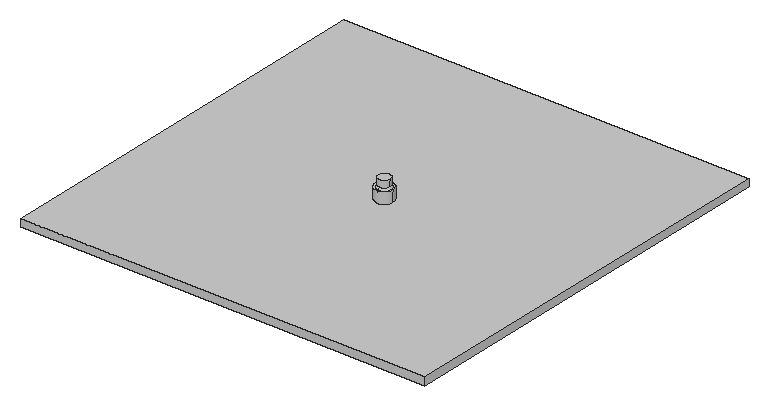
Revit family "SG0086523061CW", category Aparatos sanitarios, Revit 2019 (continued)
Forms (mm)
  Extrusion 1161, solid, material "Bronce" <- "Bronce"
    from -53.558 to -53.305
  Extrusion 1162, solid, material "Bronce" <- "Bronce"
    sketch origin (486.097, -436.426, 2438.4) x (1, 0, 0) y (0, 1, 0)
      loop
        circle (-336.097, 361.426) r 1
    from -53.305 to -53
  Extrusion 1163, solid, material "Bronce" <- "Bronce"
    sketch origin (525, -450, 2438.4) x (1, 0, 0) y (0, 1, 0)
      loop
        circle (-375, 375) r 0.896
    from -53.558 to -53.305
  Extrusion 1164, solid, material "Bronce" <- "Bronce"
    sketch origin (511.097, -436.426, 2438.4) x (1, 0, 0) y (0, 1, 0)
      loop
        circle (-336.097, 361.426) r 1
    from -53.305 to -53
  Extrusion 1165, solid, material "Bronce" <- "Bronce"
    sketch origin (550, -450, 2438.4) x (1, 0, 0) y (0, 1, 0)
      loop
        circle (-375, 375) r 0.896
    from -53.558 to -53.305
  Extrusion 1166, solid, material "Bronce" <- "Bronce"
    sketch origin (536.097, -436.426, 2438.4) x (1, 0, 0) y (0, 1, 0)
      loop
        circle (-336.097, 361.426) r 1
    from -53.305 to -53
  Extrusion 1167, solid, material "Bronce" <- "Bronce"
    sketch origin (575, -450, 2438.4) x (1, 0, 0) y (0, 1, 0)
      loop
        circle (-375, 375) r 0.896
    from -53.558 to -53.305
  Extrusion 1168, solid, material "Bronce" <- "Bronce"
    sketch origin (561.097, -436.426, 2438.4) x (1, 0, 0) y (0, 1, 0)
      loop
        circle (-336.097, 361.426) r 1
    from -53.305 to -53
  Extrusion 1169, solid, material "Bronce" <- "Bronce"
    sketch origin (600, -450, 2438.4) x (1, 0, 0) y (0, 1, 0)
      loop
        circle (-375, 375) r 0.896
    from -53.558 to -53.305
  Extrusion 1170, solid, material "Bronce" <- "Bronce"
    sketch origin (586.097, -436.426, 2438.4) x (1, 0, 0) y (0, 1, 0)
      loop
        circle (-336.097, 361.426) r 1
    from -53.305 to -53
  Extrusion 1171, solid, material "Bronce" <- "Bronce"
    sketch origin (625, -450, 2438.4) x (1, 0, 0) y (0, 1, 0)
      loop
        circle (-375, 375) r 0.896
    from -53.558 to -53.305
  Extrusion 1172, solid, material "Bronce" <- "Bronce"
    sketch origin (611.097, -436.426, 2438.4) x (1, 0, 0) y (0, 1, 0)
      loop
        circle (-336.097, 361.426) r 1
    from -53.305 to -53
  Extrusion 1173, solid, material "Bronce" <- "Bronce"
    sketch origin (650, -450, 2438.4) x (1, 0, 0) y (0, 1, 0)
      loop
        circle (-375, 375) r 0.896
    from -53.558 to -53.305
  Extrusion 1174, solid, material "Bronce" <- "Bronce"
    sketch origin (636.097, -436.426, 2438.4) x (1, 0, 0) y (0, 1, 0)
      loop
        circle (-336.097, 361.426) r 1
    from -53.305 to -53
  Extrusion 1175, solid, material "Bronce" <- "Bronce"
    sketch origin (675, -450, 2438.4) x (1, 0, 0) y (0, 1, 0)
      loop
        circle (-375, 375) r 0.896
    from -53.558 to -53.305
  Extrusion 1176, solid, material "Bronce" <- "Bronce"
    sketch origin (661.097, -436.426, 2438.4) x (1, 0, 0) y (0, 1, 0)
      loop
        circle (-336.097, 361.426) r 1
    from -53.305 to -53
  Extrusion 1177, solid, material "Bronce" <- "Bronce"
    sketch origin (700, -450, 2438.4) x (1, 0, 0) y (0, 1, 0)
      loop
        circle (-375, 375) r 0.896
    from -53.558 to -53.305
  Extrusion 1178, solid, material "Bronce" <- "Bronce"
    sketch origin (686.097, -436.426, 2438.4) x (1, 0, 0) y (0, 1, 0)
      loop
        circle (-336.097, 361.426) r 1
    from -53.305 to -53
  Extrusion 1179, solid, material "Bronce" <- "Bronce"
    sketch origin (725, -450, 2438.4) x (1, 0, 0) y (0, 1, 0)
      loop
        circle (-375, 375) r 0.896
    from -53.558 to -53.305
  Extrusion 1180, solid, material "Bronce" <- "Bronce"
    sketch origin (711.097, -436.426, 2438.4) x (1, 0, 0) y (0, 1, 0)
      loop
        circle (-336.097, 361.426) r 1
    from -53.305 to -53
  Extrusion 1181, solid, material "Bronce" <- "Bronce"
    sketch origin (750, -450, 2438.4) x (1, 0, 0) y (0, 1, 0)
      loop
        circle (-375, 375) r 0.896
    from -53.558 to -53.305
  Extrusion 1182, solid, material "Bronce" <- "Bronce"
    sketch origin (-38.903, -461.426, 2438.4) x (1, 0, 0) y (0, 1, 0)
      loop
        circle (-336.097, 361.426) r 1
    from -53.305 to -53
  Extrusion 1183, solid, material "Bronce" <- "Bronce"
    sketch origin (0, -475, 2438.4) x (1, 0, 0) y (0, 1, 0)
      loop
        circle (-375, 375) r 0.896
    from -53.558 to -53.305
  Extrusion 1184, solid, material "Bronce" <- "Bronce"
    sketch origin (-13.903, -461.426, 2438.4) x (1, 0, 0) y (0, 1, 0)
      loop
        circle (-336.097, 361.426) r 1
    from -53.305 to -53
  Extrusion 1185, solid, material "Bronce" <- "Bronce"
    sketch origin (25, -475, 2438.4) x (1, 0, 0) y (0, 1, 0)
      loop
        circle (-375, 375) r 0.896
    from -53.558 to -53.305
  Extrusion 1186, solid, material "Bronce" <- "Bronce"
    sketch origin (11.097, -461.426, 2438.4) x (1, 0, 0) y (0, 1, 0)
      loop
        circle (-336.097, 361.426) r 1
    from -53.305 to -53
  Extrusion 1187, solid, material "Bronce" <- "Bronce"
    sketch origin (50, -475, 2438.4) x (1, 0, 0) y (0, 1, 0)
      loop
        circle (-375, 375) r 0.896
    from -53.558 to -53.305
  Extrusion 1188, solid, material "Bronce" <- "Bronce"
    sketch origin (36.097, -461.426, 2438.4) x (1, 0, 0) y (0, 1, 0)
      loop
        circle (-336.097, 361.426) r 1
    from -53.305 to -53
  Extrusion 1189, solid, material "Bronce" <- "Bronce"
    sketch origin (75, -475, 2438.4) x (1, 0, 0) y (0, 1, 0)
      loop
        circle (-375, 375) r 0.896
    from -53.558 to -53.305
  Extrusion 1190, solid, material "Bronce" <- "Bronce"
    sketch origin (61.097, -461.426, 2438.4) x (1, 0, 0) y (0, 1, 0)
      loop
        circle (-336.097, 361.426) r 1
    from -53.305 to -53
  Extrusion 1191, solid, material "Bronce" <- "Bronce"
    sketch origin (100, -475, 2438.4) x (1, 0, 0) y (0, 1, 0)
      loop
        circle (-375, 375) r 0.896
    from -53.558 to -53.305
  Extrusion 1192, solid, material "Bronce" <- "Bronce"
    sketch origin (86.097, -461.426, 2438.4) x (1, 0, 0) y (0, 1, 0)
      loop
        circle (-336.097, 361.426) r 1
    from -53.305 to -53
  Extrusion 1193, solid, material "Bronce" <- "Bronce"
    sketch origin (125, -475, 2438.4) x (1, 0, 0) y (0, 1, 0)
      loop
        circle (-375, 375) r 0.896
    from -53.558 to -53.305
  Extrusion 1194, solid, material "Bronce" <- "Bronce"
    sketch origin (111.097, -461.426, 2438.4) x (1, 0, 0) y (0, 1, 0)
      loop
        circle (-336.097, 361.426) r 1
    from -53.305 to -53
  Extrusion 1195, solid, material "Bronce" <- "Bronce"
    sketch origin (150, -475, 2438.4) x (1, 0, 0) y (0, 1, 0)
      loop
        circle (-375, 375) r 0.896
    from -53.558 to -53.305
  Extrusion 1196, solid, material "Bronce" <- "Bronce"
    sketch origin (136.097, -461.426, 2438.4) x (1, 0, 0) y (0, 1, 0)
      loop
        circle (-336.097, 361.426) r 1
    from -53.305 to -53
  Extrusion 1197, solid, material "Bronce" <- "Bronce"
    sketch origin (175, -475, 2438.4) x (1, 0, 0) y (0, 1, 0)
      loop
        circle (-375, 375) r 0.896
    from -53.558 to -53.305
  Extrusion 1198, solid, material "Bronce" <- "Bronce"
    sketch origin (161.097, -461.426, 2438.4) x (1, 0, 0) y (0, 1, 0)
      loop
        circle (-336.097, 361.426) r 1
    from -53.305 to -53
  Extrusion 1199, solid, material "Bronce" <- "Bronce"
    sketch origin (200, -475, 2438.4) x (1, 0, 0) y (0, 1, 0)
      loop
        circle (-375, 375) r 0.896
    from -53.558 to -53.305
  Extrusion 1200, solid, material "Bronce" <- "Bronce"
    sketch origin (186.097, -461.426, 2438.4) x (1, 0, 0) y (0, 1, 0)
      loop
        circle (-336.097, 361.426) r 1
    from -53.305 to -53
  Extrusion 1201, solid, material "Bronce" <- "Bronce"
    sketch origin (225, -475, 2438.4) x (1, 0, 0) y (0, 1, 0)
      loop
        circle (-375, 375) r 0.896
    from -53.558 to -53.305
  Extrusion 1202, solid, material "Bronce" <- "Bronce"
    sketch origin (211.097, -461.426, 2438.4) x (1, 0, 0) y (0, 1, 0)
      loop
        circle (-336.097, 361.426) r 1
    from -53.305 to -53
  Extrusion 1203, solid, material "Bronce" <- "Bronce"
    sketch origin (250, -475, 2438.4) x (1, 0, 0) y (0, 1, 0)
      loop
        circle (-375, 375) r 0.896
    from -53.558 to -53.305
  Extrusion 1204, solid, material "Bronce" <- "Bronce"
    sketch origin (236.097, -461.426, 2438.4) x (1, 0, 0) y (0, 1, 0)
      loop
        circle (-336.097, 361.426) r 1
    from -53.305 to -53
  Extrusion 1205, solid, material "Bronce" <- "Bronce"
    sketch origin (275, -475, 2438.4) x (1, 0, 0) y (0, 1, 0)
      loop
        circle (-375, 375) r 0.896
    from -53.558 to -53.305
  Extrusion 1206, solid, material "Bronce" <- "Bronce"
    sketch origin (261.097, -461.426, 2438.4) x (1, 0, 0) y (0, 1, 0)
      loop
        circle (-336.097, 361.426) r 1
    from -53.305 to -53
  Extrusion 1207, solid, material "Bronce" <- "Bronce"
    sketch origin (300, -475, 2438.4) x (1, 0, 0) y (0, 1, 0)
      loop
        circle (-375, 375) r 0.896
    from -53.558 to -53.305
  Extrusion 1208, solid, material "Bronce" <- "Bronce"
    sketch origin (286.097, -461.426, 2438.4) x (1, 0, 0) y (0, 1, 0)
      loop
        circle (-336.097, 361.426) r 1
    from -53.305 to -53
  Extrusion 1209, solid, material "Bronce" <- "Bronce"
    sketch origin (325, -475, 2438.4) x (1, 0, 0) y (0, 1, 0)
      loop
        circle (-375, 375) r 0.896
    from -53.558 to -53.305
  Extrusion 1210, solid, material "Bronce" <- "Bronce"
    sketch origin (311.097, -461.426, 2438.4) x (1, 0, 0) y (0, 1, 0)
      loop
        circle (-336.097, 361.426) r 1
    from -53.305 to -53
  Extrusion 1211, solid, material "Bronce" <- "Bronce"
    sketch origin (350, -475, 2438.4) x (1, 0, 0) y (0, 1, 0)
      loop
        circle (-375, 375) r 0.896
    from -53.558 to -53.305
  Extrusion 1212, solid, material "Bronce" <- "Bronce"
    sketch origin (336.097, -461.426, 2438.4) x (1, 0, 0) y (0, 1, 0)
      loop
        circle (-336.097, 361.426) r 1
    from -53.305 to -53
  Extrusion 1213, solid, material "Bronce" <- "Bronce"
    sketch origin (375, -475, 2438.4) x (1, 0, 0) y (0, 1, 0)
      loop
        circle (-375, 375) r 0.896
    from -53.558 to -53.305
  Extrusion 1214, solid, material "Bronce" <- "Bronce"
    sketch origin (361.097, -461.426, 2438.4) x (1, 0, 0) y (0, 1, 0)
      loop
        circle (-336.097, 361.426) r 1
    from -53.305 to -53
  Extrusion 1215, solid, material "Bronce" <- "Bronce"
    sketch origin (400, -475, 2438.4) x (1, 0, 0) y (0, 1, 0)
      loop
        circle (-375, 375) r 0.896
    from -53.558 to -53.305
  Extrusion 1216, solid, material "Bronce" <- "Bronce"
    sketch origin (386.097, -461.426, 2438.4) x (1, 0, 0) y (0, 1, 0)
      loop
        circle (-336.097, 361.426) r 1
    from -53.305 to -53
  Extrusion 1217, solid, material "Bronce" <- "Bronce"
    sketch origin (425, -475, 2438.4) x (1, 0, 0) y (0, 1, 0)
      loop
        circle (-375, 375) r 0.896
    from -53.558 to -53.305
  Extrusion 1218, solid, material "Bronce" <- "Bronce"
    sketch origin (411.097, -461.426, 2438.4) x (1, 0, 0) y (0, 1, 0)
      loop
        circle (-336.097, 361.426) r 1
    from -53.305 to -53
  Extrusion 1219, solid, material "Bronce" <- "Bronce"
    sketch origin (450, -475, 2438.4) x (1, 0, 0) y (0, 1, 0)
      loop
        circle (-375, 375) r 0.896
    from -53.558 to -53.305
  Extrusion 1220, solid, material "Bronce" <- "Bronce"
    sketch origin (436.097, -461.426, 2438.4) x (1, 0, 0) y (0, 1, 0)
      loop
        circle (-336.097, 361.426) r 1
    from -53.305 to -53
  Extrusion 1221, solid, material "Bronce" <- "Bronce"
    sketch origin (475, -475, 2438.4) x (1, 0, 0) y (0, 1, 0)
      loop
        circle (-375, 375) r 0.896
    from -53.558 to -53.305
  Extrusion 1222, solid, material "Bronce" <- "Bronce"
    sketch origin (461.097, -461.426, 2438.4) x (1, 0, 0) y (0, 1, 0)
      loop
        circle (-336.097, 361.426) r 1
    from -53.305 to -53
  Extrusion 1223, solid, material "Bronce" <- "Bronce"
    sketch origin (500, -475, 2438.4) x (1, 0, 0) y (0, 1, 0)
      loop
        circle (-375, 375) r 0.896
    from -53.558 to -53.305
  Extrusion 1224, solid, material "Bronce" <- "Bronce"
    sketch origin (486.097, -461.426, 2438.4) x (1, 0, 0) y (0, 1, 0)
      loop
        circle (-336.097, 361.426) r 1
    from -53.305 to -53
  Extrusion 1225, solid, material "Bronce" <- "Bronce"
    sketch origin (525, -475, 2438.4) x (1, 0, 0) y (0, 1, 0)
      loop
        circle (-375, 375) r 0.896
    from -53.558 to -53.305
  Extrusion 1226, solid, material "Bronce" <- "Bronce"
    sketch origin (511.097, -461.426, 2438.4) x (1, 0, 0) y (0, 1, 0)
      loop
        circle (-336.097, 361.426) r 1
    from -53.305 to -53
  Extrusion 1227, solid, material "Bronce" <- "Bronce"
    sketch origin (550, -475, 2438.4) x (1, 0, 0) y (0, 1, 0)
      loop
        circle (-375, 375) r 0.896
    from -53.558 to -53.305
  Extrusion 1228, solid, material "Bronce" <- "Bronce"
    sketch origin (536.097, -461.426, 2438.4) x (1, 0, 0) y (0, 1, 0)
      loop
        circle (-336.097, 361.426) r 1
    from -53.305 to -53
  Extrusion 1229, solid, material "Bronce" <- "Bronce"
    sketch origin (575, -475, 2438.4) x (1, 0, 0) y (0, 1, 0)
      loop
        circle (-375, 375) r 0.896
    from -53.558 to -53.305
  Extrusion 1230, solid, material "Bronce" <- "Bronce"
    sketch origin (561.097, -461.426, 2438.4) x (1, 0, 0) y (0, 1, 0)
      loop
        circle (-336.097, 361.426) r 1
    from -53.305 to -53
  Extrusion 1231, solid, material "Bronce" <- "Bronce"
    sketch origin (600, -475, 2438.4) x (1, 0, 0) y (0, 1, 0)
      loop
        circle (-375, 375) r 0.896
    from -53.558 to -53.305
  Extrusion 1232, solid, material "Bronce" <- "Bronce"
    sketch origin (586.097, -461.426, 2438.4) x (1, 0, 0) y (0, 1, 0)
      loop
        circle (-336.097, 361.426) r 1
    from -53.305 to -53
  Extrusion 1233, solid, material "Bronce" <- "Bronce"
    sketch origin (625, -475, 2438.4) x (1, 0, 0) y (0, 1, 0)
      loop
        circle (-375, 375) r 0.896
    from -53.558 to -53.305
  Extrusion 1234, solid, material "Bronce" <- "Bronce"
    sketch origin (611.097, -461.426, 2438.4) x (1, 0, 0) y (0, 1, 0)
      loop
        circle (-336.097, 361.426) r 1
    from -53.305 to -53
  Extrusion 1235, solid, material "Bronce" <- "Bronce"
    sketch origin (650, -475, 2438.4) x (1, 0, 0) y (0, 1, 0)
      loop
        circle (-375, 375) r 0.896
    from -53.558 to -53.305
  Extrusion 1236, solid, material "Bronce" <- "Bronce"
    sketch origin (636.097, -461.426, 2438.4) x (1, 0, 0) y (0, 1, 0)
      loop
        circle (-336.097, 361.426) r 1
    from -53.305 to -53
  Extrusion 1237, solid, material "Bronce" <- "Bronce"
    sketch origin (675, -475, 2438.4) x (1, 0, 0) y (0, 1, 0)
      loop
        circle (-375, 375) r 0.896
    from -53.558 to -53.305
  Extrusion 1238, solid, material "Bronce" <- "Bronce"
    sketch origin (661.097, -461.426, 2438.4) x (1, 0, 0) y (0, 1, 0)
      loop
        circle (-336.097, 361.426) r 1
    from -53.305 to -53
  Extrusion 1239, solid, material "Bronce" <- "Bronce"
    sketch origin (700, -475, 2438.4) x (1, 0, 0) y (0, 1, 0)
      loop
        circle (-375, 375) r 0.896
    from -53.558 to -53.305
  Extrusion 1240, solid, material "Bronce" <- "Bronce"
    sketch origin (686.097, -461.426, 2438.4) x (1, 0, 0) y (0, 1, 0)
      loop
        circle (-336.097, 361.426) r 1
    from -53.305 to -53
  Extrusion 1241, solid, material "Bronce" <- "Bronce"
    sketch origin (725, -475, 2438.4) x (1, 0, 0) y (0, 1, 0)
      loop
        circle (-375, 375) r 0.896
    from -53.558 to -53.305
  Extrusion 1242, solid, material "Bronce" <- "Bronce"
    sketch origin (711.097, -461.426, 2438.4) x (1, 0, 0) y (0, 1, 0)
      loop
        circle (-336.097, 361.426) r 1
    from -53.305 to -53
  Extrusion 1243, solid, material "Bronce" <- "Bronce"
    sketch origin (750, -475, 2438.4) x (1, 0, 0) y (0, 1, 0)
      loop
        circle (-375, 375) r 0.896
    from -53.558 to -53.305
  Extrusion 1244, solid, material "Bronce" <- "Bronce"
    sketch origin (-38.903, -486.426, 2438.4) x (1, 0, 0) y (0, 1, 0)
      loop
        circle (-336.097, 361.426) r 1
    from -53.305 to -53
  Extrusion 1245, solid, material "Bronce" <- "Bronce"
    sketch origin (0, -500, 2438.4) x (1, 0, 0) y (0, 1, 0)
      loop
        circle (-375, 375) r 0.896
    from -53.558 to -53.305
  Extrusion 1246, solid, material "Bronce" <- "Bronce"
    sketch origin (-13.903, -486.426, 2438.4) x (1, 0, 0) y (0, 1, 0)
      loop
        circle (-336.097, 361.426) r 1
    from -53.305 to -53
  Extrusion 1247, solid, material "Bronce" <- "Bronce"
    sketch origin (25, -500, 2438.4) x (1, 0, 0) y (0, 1, 0)
      loop
        circle (-375, 375) r 0.896
    from -53.558 to -53.305
  Extrusion 1248, solid, material "Bronce" <- "Bronce"
    sketch origin (11.097, -486.426, 2438.4) x (1, 0, 0) y (0, 1, 0)
      loop
        circle (-336.097, 361.426) r 1
    from -53.305 to -53
  Extrusion 1249, solid, material "Bronce" <- "Bronce"
    sketch origin (50, -500, 2438.4) x (1, 0, 0) y (0, 1, 0)
      loop
        circle (-375, 375) r 0.896
    from -53.558 to -53.305
  Extrusion 1250, solid, material "Bronce" <- "Bronce"
    sketch origin (36.097, -486.426, 2438.4) x (1, 0, 0) y (0, 1, 0)
      loop
        circle (-336.097, 361.426) r 1
    from -53.305 to -53
  Extrusion 1251, solid, material "Bronce" <- "Bronce"
    sketch origin (75, -500, 2438.4) x (1, 0, 0) y (0, 1, 0)
      loop
        circle (-375, 375) r 0.896
    from -53.558 to -53.305
  Extrusion 1252, solid, material "Bronce" <- "Bronce"
    sketch origin (61.097, -486.426, 2438.4) x (1, 0, 0) y (0, 1, 0)
      loop
        circle (-336.097, 361.426) r 1
    from -53.305 to -53
  Extrusion 1253, solid, material "Bronce" <- "Bronce"
    sketch origin (100, -500, 2438.4) x (1, 0, 0) y (0, 1, 0)
      loop
        circle (-375, 375) r 0.896
    from -53.558 to -53.305
  Extrusion 1254, solid, material "Bronce" <- "Bronce"
    sketch origin (86.097, -486.426, 2438.4) x (1, 0, 0) y (0, 1, 0)
      loop
        circle (-336.097, 361.426) r 1
    from -53.305 to -53
  Extrusion 1255, solid, material "Bronce" <- "Bronce"
    sketch origin (125, -500, 2438.4) x (1, 0, 0) y (0, 1, 0)
      loop
        circle (-375, 375) r 0.896
    from -53.558 to -53.305
  Extrusion 1256, solid, material "Bronce" <- "Bronce"
    sketch origin (111.097, -486.426, 2438.4) x (1, 0, 0) y (0, 1, 0)
      loop
        circle (-336.097, 361.426) r 1
    from -53.305 to -53
  Extrusion 1257, solid, material "Bronce" <- "Bronce"
    sketch origin (150, -500, 2438.4) x (1, 0, 0) y (0, 1, 0)
      loop
        circle (-375, 375) r 0.896
    from -53.558 to -53.305
  Extrusion 1258, solid, material "Bronce" <- "Bronce"
    sketch origin (136.097, -486.426, 2438.4) x (1, 0, 0) y (0, 1, 0)
      loop
        circle (-336.097, 361.426) r 1
    from -53.305 to -53
  Extrusion 1259, solid, material "Bronce" <- "Bronce"
    sketch origin (175, -500, 2438.4) x (1, 0, 0) y (0, 1, 0)
      loop
        circle (-375, 375) r 0.896
    from -53.558 to -53.305
  Extrusion 1260, solid, material "Bronce" <- "Bronce"
    sketch origin (161.097, -486.426, 2438.4) x (1, 0, 0) y (0, 1, 0)
      loop
        circle (-336.097, 361.426) r 1
    from -53.305 to -53
  Extrusion 1261, solid, material "Bronce" <- "Bronce"
    sketch origin (200, -500, 2438.4) x (1, 0, 0) y (0, 1, 0)
      loop
        circle (-375, 375) r 0.896
    from -53.558 to -53.305
  Extrusion 1262, solid, material "Bronce" <- "Bronce"
    sketch origin (186.097, -486.426, 2438.4) x (1, 0, 0) y (0, 1, 0)
      loop
        circle (-336.097, 361.426) r 1
    from -53.305 to -53
  Extrusion 1263, solid, material "Bronce" <- "Bronce"
    sketch origin (225, -500, 2438.4) x (1, 0, 0) y (0, 1, 0)
      loop
        circle (-375, 375) r 0.896
    from -53.558 to -53.305
  Extrusion 1264, solid, material "Bronce" <- "Bronce"
    sketch origin (211.097, -486.426, 2438.4) x (1, 0, 0) y (0, 1, 0)
      loop
        circle (-336.097, 361.426) r 1
    from -53.305 to -53
  Extrusion 1265, solid, material "Bronce" <- "Bronce"
    sketch origin (250, -500, 2438.4) x (1, 0, 0) y (0, 1, 0)
      loop
        circle (-375, 375) r 0.896
    from -53.558 to -53.305
  Extrusion 1266, solid, material "Bronce" <- "Bronce"
    sketch origin (236.097, -486.426, 2438.4) x (1, 0, 0) y (0, 1, 0)
      loop
        circle (-336.097, 361.426) r 1
    from -53.305 to -53
  Extrusion 1267, solid, material "Bronce" <- "Bronce"
    sketch origin (275, -500, 2438.4) x (1, 0, 0) y (0, 1, 0)
      loop
        circle (-375, 375) r 0.896
    from -53.558 to -53.305
  Extrusion 1268, solid, material "Bronce" <- "Bronce"
    sketch origin (261.097, -486.426, 2438.4) x (1, 0, 0) y (0, 1, 0)
      loop
        circle (-336.097, 361.426) r 1
    from -53.305 to -53
  Extrusion 1269, solid, material "Bronce" <- "Bronce"
    sketch origin (300, -500, 2438.4) x (1, 0, 0) y (0, 1, 0)
      loop
        circle (-375, 375) r 0.896
    from -53.558 to -53.305
  Extrusion 1270, solid, material "Bronce" <- "Bronce"
    sketch origin (286.097, -486.426, 2438.4) x (1, 0, 0) y (0, 1, 0)
      loop
        circle (-336.097, 361.426) r 1
    from -53.305 to -53
  Extrusion 1271, solid, material "Bronce" <- "Bronce"
    sketch origin (325, -500, 2438.4) x (1, 0, 0) y (0, 1, 0)
      loop
        circle (-375, 375) r 0.896
    from -53.558 to -53.305
  Extrusion 1272, solid, material "Bronce" <- "Bronce"
    sketch origin (311.097, -486.426, 2438.4) x (1, 0, 0) y (0, 1, 0)
      loop
        circle (-336.097, 361.426) r 1
    from -53.305 to -53
  Extrusion 1273, solid, material "Bronce" <- "Bronce"
    sketch origin (350, -500, 2438.4) x (1, 0, 0) y (0, 1, 0)
      loop
        circle (-375, 375) r 0.896
    from -53.558 to -53.305
  Extrusion 1274, solid, material "Bronce" <- "Bronce"
    sketch origin (336.097, -486.426, 2438.4) x (1, 0, 0) y (0, 1, 0)
      loop
        circle (-336.097, 361.426) r 1
    from -53.305 to -53
  Extrusion 1275, solid, material "Bronce" <- "Bronce"
    sketch origin (375, -500, 2438.4) x (1, 0, 0) y (0, 1, 0)
      loop
        circle (-375, 375) r 0.896
    from -53.558 to -53.305
  Extrusion 1276, solid, material "Bronce" <- "Bronce"
    sketch origin (361.097, -486.426, 2438.4) x (1, 0, 0) y (0, 1, 0)
      loop
        circle (-336.097, 361.426) r 1
    from -53.305 to -53
  Extrusion 1277, solid, material "Bronce" <- "Bronce"
    sketch origin (400, -500, 2438.4) x (1, 0, 0) y (0, 1, 0)
      loop
        circle (-375, 375) r 0.896
    from -53.558 to -53.305
  Extrusion 1278, solid, material "Bronce" <- "Bronce"
    sketch origin (386.097, -486.426, 2438.4) x (1, 0, 0) y (0, 1, 0)
      loop
        circle (-336.097, 361.426) r 1
    from -53.305 to -53
  Extrusion 1279, solid, material "Bronce" <- "Bronce"
    sketch origin (425, -500, 2438.4) x (1, 0, 0) y (0, 1, 0)
      loop
        circle (-375, 375) r 0.896
    from -53.558 to -53.305
  Extrusion 1280, solid, material "Bronce" <- "Bronce"
    sketch origin (411.097, -486.426, 2438.4) x (1, 0, 0) y (0, 1, 0)
      loop
        circle (-336.097, 361.426) r 1
    from -53.305 to -53
  Extrusion 1281, solid, material "Bronce" <- "Bronce"
    sketch origin (450, -500, 2438.4) x (1, 0, 0) y (0, 1, 0)
      loop
        circle (-375, 375) r 0.896
    from -53.558 to -53.305
  Extrusion 1282, solid, material "Bronce" <- "Bronce"
    sketch origin (436.097, -486.426, 2438.4) x (1, 0, 0) y (0, 1, 0)
      loop
        circle (-336.097, 361.426) r 1
    from -53.305 to -53
  Extrusion 1283, solid, material "Bronce" <- "Bronce"
    sketch origin (475, -500, 2438.4) x (1, 0, 0) y (0, 1, 0)
      loop
        circle (-375, 375) r 0.896
    from -53.558 to -53.305
  Extrusion 1284, solid, material "Bronce" <- "Bronce"
    sketch origin (461.097, -486.426, 2438.4) x (1, 0, 0) y (0, 1, 0)
      loop
        circle (-336.097, 361.426) r 1
    from -53.305 to -53
  Extrusion 1285, solid, material "Bronce" <- "Bronce"
    sketch origin (500, -500, 2438.4) x (1, 0, 0) y (0, 1, 0)
      loop
        circle (-375, 375) r 0.896
    from -53.558 to -53.305
  Extrusion 1286, solid, material "Bronce" <- "Bronce"
    sketch origin (486.097, -486.426, 2438.4) x (1, 0, 0) y (0, 1, 0)
      loop
        circle (-336.097, 361.426) r 1
    from -53.305 to -53
  Extrusion 1287, solid, material "Bronce" <- "Bronce"
    sketch origin (525, -500, 2438.4) x (1, 0, 0) y (0, 1, 0)
      loop
        circle (-375, 375) r 0.896
    from -53.558 to -53.305
  Extrusion 1288, solid, material "Bronce" <- "Bronce"
    sketch origin (511.097, -486.426, 2438.4) x (1, 0, 0) y (0, 1, 0)
      loop
        circle (-336.097, 361.426) r 1
    from -53.305 to -53
  Extrusion 1289, solid, material "Bronce" <- "Bronce"
    sketch origin (550, -500, 2438.4) x (1, 0, 0) y (0, 1, 0)
      loop
        circle (-375, 375) r 0.896
    from -53.558 to -53.305
  Extrusion 1290, solid, material "Bronce" <- "Bronce"
    sketch origin (536.097, -486.426, 2438.4) x (1, 0, 0) y (0, 1, 0)
      loop
        circle (-336.097, 361.426) r 1
    from -53.305 to -53
  Extrusion 1291, solid, material "Bronce" <- "Bronce"
    sketch origin (575, -500, 2438.4) x (1, 0, 0) y (0, 1, 0)
      loop
        circle (-375, 375) r 0.896
    from -53.558 to -53.305
  Extrusion 1292, solid, material "Bronce" <- "Bronce"
    sketch origin (561.097, -486.426, 2438.4) x (1, 0, 0) y (0, 1, 0)
      loop
        circle (-336.097, 361.426) r 1
    from -53.305 to -53
  Extrusion 1293, solid, material "Bronce" <- "Bronce"
    sketch origin (600, -500, 2438.4) x (1, 0, 0) y (0, 1, 0)
      loop
        circle (-375, 375) r 0.896
    from -53.558 to -53.305
  Extrusion 1294, solid, material "Bronce" <- "Bronce"
    sketch origin (586.097, -486.426, 2438.4) x (1, 0, 0) y (0, 1, 0)
      loop
        circle (-336.097, 361.426) r 1
    from -53.305 to -53
  Extrusion 1295, solid, material "Bronce" <- "Bronce"
    sketch origin (625, -500, 2438.4) x (1, 0, 0) y (0, 1, 0)
      loop
        circle (-375, 375) r 0.896
    from -53.558 to -53.305
  Extrusion 1296, solid, material "Bronce" <- "Bronce"
    sketch origin (611.097, -486.426, 2438.4) x (1, 0, 0) y (0, 1, 0)
      loop
        circle (-336.097, 361.426) r 1
    from -53.305 to -53
  Extrusion 1297, solid, material "Bronce" <- "Bronce"
    sketch origin (650, -500, 2438.4) x (1, 0, 0) y (0, 1, 0)
      loop
        circle (-375, 375) r 0.896
    from -53.558 to -53.305
  Extrusion 1298, solid, material "Bronce" <- "Bronce"
    sketch origin (636.097, -486.426, 2438.4) x (1, 0, 0) y (0, 1, 0)
      loop
        circle (-336.097, 361.426) r 1
    from -53.305 to -53
  Extrusion 1299, solid, material "Bronce" <- "Bronce"
    sketch origin (675, -500, 2438.4) x (1, 0, 0) y (0, 1, 0)
      loop
        circle (-375, 375) r 0.896
    from -53.558 to -53.305
  Extrusion 1300, solid, material "Bronce" <- "Bronce"
    sketch origin (661.097, -486.426, 2438.4) x (1, 0, 0) y (0, 1, 0)
      loop
        circle (-336.097, 361.426) r 1
    from -53.305 to -53
  Extrusion 1301, solid, material "Bronce" <- "Bronce"
    sketch origin (700, -500, 2438.4) x (1, 0, 0) y (0, 1, 0)
      loop
        circle (-375, 375) r 0.896
    from -53.558 to -53.305
  Extrusion 1302, solid, material "Bronce" <- "Bronce"
    sketch origin (686.097, -486.426, 2438.4) x (1, 0, 0) y (0, 1, 0)
      loop
        circle (-336.097, 361.426) r 1
    from -53.305 to -53
  Extrusion 1303, solid, material "Bronce" <- "Bronce"
    sketch origin (725, -500, 2438.4) x (1, 0, 0) y (0, 1, 0)
      loop
        circle (-375, 375) r 0.896
    from -53.558 to -53.305
  Extrusion 1304, solid, material "Bronce" <- "Bronce"
    sketch origin (711.097, -486.426, 2438.4) x (1, 0, 0) y (0, 1, 0)
      loop
        circle (-336.097, 361.426) r 1
    from -53.305 to -53
  Extrusion 1305, solid, material "Bronce" <- "Bronce"
    sketch origin (750, -500, 2438.4) x (1, 0, 0) y (0, 1, 0)
      loop
        circle (-375, 375) r 0.896
    from -53.558 to -53.305
  Extrusion 1306, solid, material "Bronce" <- "Bronce"
    sketch origin (-38.903, -511.426, 2438.4) x (1, 0, 0) y (0, 1, 0)
      loop
        circle (-336.097, 361.426) r 1
    from -53.305 to -53
  Extrusion 1307, solid, material "Bronce" <- "Bronce"
    sketch origin (0, -525, 2438.4) x (1, 0, 0) y (0, 1, 0)
      loop
        circle (-375, 375) r 0.896
    from -53.558 to -53.305
  Extrusion 1308, solid, material "Bronce" <- "Bronce"
    sketch origin (-13.903, -511.426, 2438.4) x (1, 0, 0) y (0, 1, 0)
      loop
        circle (-336.097, 361.426) r 1
    from -53.305 to -53
  Extrusion 1309, solid, material "Bronce" <- "Bronce"
    sketch origin (25, -525, 2438.4) x (1, 0, 0) y (0, 1, 0)
      loop
        circle (-375, 375) r 0.896
    from -53.558 to -53.305
  Extrusion 1310, solid, material "Bronce" <- "Bronce"
    sketch origin (11.097, -511.426, 2438.4) x (1, 0, 0) y (0, 1, 0)
      loop
        circle (-336.097, 361.426) r 1
    from -53.305 to -53
  Extrusion 1311, solid, material "Bronce" <- "Bronce"
    sketch origin (50, -525, 2438.4) x (1, 0, 0) y (0, 1, 0)
      loop
        circle (-375, 375) r 0.896
    from -53.558 to -53.305
  Extrusion 1312, solid, material "Bronce" <- "Bronce"
    sketch origin (36.097, -511.426, 2438.4) x (1, 0, 0) y (0, 1, 0)
      loop
        circle (-336.097, 361.426) r 1
    from -53.305 to -53
  Extrusion 1313, solid, material "Bronce" <- "Bronce"
    sketch origin (75, -525, 2438.4) x (1, 0, 0) y (0, 1, 0)
      loop
        circle (-375, 375) r 0.896
    from -53.558 to -53.305
  Extrusion 1314, solid, material "Bronce" <- "Bronce"
    sketch origin (61.097, -511.426, 2438.4) x (1, 0, 0) y (0, 1, 0)
      loop
        circle (-336.097, 361.426) r 1
    from -53.305 to -53
  Extrusion 1315, solid, material "Bronce" <- "Bronce"
    sketch origin (100, -525, 2438.4) x (1, 0, 0) y (0, 1, 0)
      loop
        circle (-375, 375) r 0.896
    from -53.558 to -53.305
  Extrusion 1316, solid, material "Bronce" <- "Bronce"
    sketch origin (86.097, -511.426, 2438.4) x (1, 0, 0) y (0, 1, 0)
      loop
        circle (-336.097, 361.426) r 1
    from -53.305 to -53
  Extrusion 1317, solid, material "Bronce" <- "Bronce"
    sketch origin (125, -525, 2438.4) x (1, 0, 0) y (0, 1, 0)
      loop
        circle (-375, 375) r 0.896
    from -53.558 to -53.305
  Extrusion 1318, solid, material "Bronce" <- "Bronce"
    sketch origin (111.097, -511.426, 2438.4) x (1, 0, 0) y (0, 1, 0)
      loop
        circle (-336.097, 361.426) r 1
    from -53.305 to -53
  Extrusion 1319, solid, material "Bronce" <- "Bronce"
    sketch origin (150, -525, 2438.4) x (1, 0, 0) y (0, 1, 0)
      loop
        circle (-375, 375) r 0.896
    from -53.558 to -53.305
  Extrusion 1320, solid, material "Bronce" <- "Bronce"
    sketch origin (136.097, -511.426, 2438.4) x (1, 0, 0) y (0, 1, 0)
      loop
        circle (-336.097, 361.426) r 1
    from -53.305 to -53
  Extrusion 1321, solid, material "Bronce" <- "Bronce"
    sketch origin (175, -525, 2438.4) x (1, 0, 0) y (0, 1, 0)
      loop
        circle (-375, 375) r 0.896
    from -53.558 to -53.305
  Extrusion 1322, solid, material "Bronce" <- "Bronce"
    sketch origin (161.097, -511.426, 2438.4) x (1, 0, 0) y (0, 1, 0)
      loop
        circle (-336.097, 361.426) r 1
    from -53.305 to -53
  Extrusion 1323, solid, material "Bronce" <- "Bronce"
    sketch origin (200, -525, 2438.4) x (1, 0, 0) y (0, 1, 0)
      loop
        circle (-375, 375) r 0.896
    from -53.558 to -53.305
  Extrusion 1324, solid, material "Bronce" <- "Bronce"
    sketch origin (186.097, -511.426, 2438.4) x (1, 0, 0) y (0, 1, 0)
      loop
        circle (-336.097, 361.426) r 1
    from -53.305 to -53
  Extrusion 1325, solid, material "Bronce" <- "Bronce"
    sketch origin (225, -525, 2438.4) x (1, 0, 0) y (0, 1, 0)
      loop
        circle (-375, 375) r 0.896
    from -53.558 to -53.305
  Extrusion 1326, solid, material "Bronce" <- "Bronce"
    sketch origin (211.097, -511.426, 2438.4) x (1, 0, 0) y (0, 1, 0)
      loop
        circle (-336.097, 361.426) r 1
    from -53.305 to -53
  Extrusion 1327, solid, material "Bronce" <- "Bronce"
    sketch origin (250, -525, 2438.4) x (1, 0, 0) y (0, 1, 0)
      loop
        circle (-375, 375) r 0.896
    from -53.558 to -53.305
  Extrusion 1328, solid, material "Bronce" <- "Bronce"
    sketch origin (236.097, -511.426, 2438.4) x (1, 0, 0) y (0, 1, 0)
      loop
        circle (-336.097, 361.426) r 1
    from -53.305 to -53
  Extrusion 1329, solid, material "Bronce" <- "Bronce"
    sketch origin (275, -525, 2438.4) x (1, 0, 0) y (0, 1, 0)
      loop
        circle (-375, 375) r 0.896
    from -53.558 to -53.305
  Extrusion 1330, solid, material "Bronce" <- "Bronce"
    sketch origin (261.097, -511.426, 2438.4) x (1, 0, 0) y (0, 1, 0)
      loop
        circle (-336.097, 361.426) r 1
    from -53.305 to -53
  Extrusion 1331, solid, material "Bronce" <- "Bronce"
    sketch origin (300, -525, 2438.4) x (1, 0, 0) y (0, 1, 0)
      loop
        circle (-375, 375) r 0.896
    from -53.558 to -53.305
  Extrusion 1332, solid, material "Bronce" <- "Bronce"
    sketch origin (286.097, -511.426, 2438.4) x (1, 0, 0) y (0, 1, 0)
      loop
        circle (-336.097, 361.426) r 1
    from -53.305 to -53
  Extrusion 1333, solid, material "Bronce" <- "Bronce"
    sketch origin (325, -525, 2438.4) x (1, 0, 0) y (0, 1, 0)
      loop
        circle (-375, 375) r 0.896
    from -53.558 to -53.305
  Extrusion 1334, solid, material "Bronce" <- "Bronce"
    sketch origin (311.097, -511.426, 2438.4) x (1, 0, 0) y (0, 1, 0)
      loop
        circle (-336.097, 361.426) r 1
    from -53.305 to -53
  Extrusion 1335, solid, material "Bronce" <- "Bronce"
    sketch origin (350, -525, 2438.4) x (1, 0, 0) y (0, 1, 0)
      loop
        circle (-375, 375) r 0.896
    from -53.558 to -53.305
  Extrusion 1336, solid, material "Bronce" <- "Bronce"
    sketch origin (336.097, -511.426, 2438.4) x (1, 0, 0) y (0, 1, 0)
      loop
        circle (-336.097, 361.426) r 1
    from -53.305 to -53
  Extrusion 1337, solid, material "Bronce" <- "Bronce"
    sketch origin (375, -525, 2438.4) x (1, 0, 0) y (0, 1, 0)
      loop
        circle (-375, 375) r 0.896
    from -53.558 to -53.305
  Extrusion 1338, solid, material "Bronce" <- "Bronce"
    sketch origin (361.097, -511.426, 2438.4) x (1, 0, 0) y (0, 1, 0)
      loop
        circle (-336.097, 361.426) r 1
    from -53.305 to -53
  Extrusion 1339, solid, material "Bronce" <- "Bronce"
    sketch origin (400, -525, 2438.4) x (1, 0, 0) y (0, 1, 0)
      loop
        circle (-375, 375) r 0.896
    from -53.558 to -53.305
  Extrusion 1340, solid, material "Bronce" <- "Bronce"
    sketch origin (386.097, -511.426, 2438.4) x (1, 0, 0) y (0, 1, 0)
      loop
        circle (-336.097, 361.426) r 1
    from -53.305 to -53
  Extrusion 1341, solid, material "Bronce" <- "Bronce"
    sketch origin (425, -525, 2438.4) x (1, 0, 0) y (0, 1, 0)
      loop
        circle (-375, 375) r 0.896
    from -53.558 to -53.305
  Extrusion 1342, solid, material "Bronce" <- "Bronce"
    sketch origin (411.097, -511.426, 2438.4) x (1, 0, 0) y (0, 1, 0)
      loop
        circle (-336.097, 361.426) r 1
    from -53.305 to -53
  Extrusion 1343, solid, material "Bronce" <- "Bronce"
    sketch origin (450, -525, 2438.4) x (1, 0, 0) y (0, 1, 0)
      loop
        circle (-375, 375) r 0.896
    from -53.558 to -53.305
  Extrusion 1344, solid, material "Bronce" <- "Bronce"
    sketch origin (436.097, -511.426, 2438.4) x (1, 0, 0) y (0, 1, 0)
      loop
        circle (-336.097, 361.426) r 1
    from -53.305 to -53
  Extrusion 1345, solid, material "Bronce" <- "Bronce"
    sketch origin (475, -525, 2438.4) x (1, 0, 0) y (0, 1, 0)
      loop
        circle (-375, 375) r 0.896
    from -53.558 to -53.305
  Extrusion 1346, solid, material "Bronce" <- "Bronce"
    sketch origin (461.097, -511.426, 2438.4) x (1, 0, 0) y (0, 1, 0)
      loop
        circle (-336.097, 361.426) r 1
    from -53.305 to -53
  Extrusion 1347, solid, material "Bronce" <- "Bronce"
    sketch origin (500, -525, 2438.4) x (1, 0, 0) y (0, 1, 0)
      loop
        circle (-375, 375) r 0.896
    from -53.558 to -53.305
  Extrusion 1348, solid, material "Bronce" <- "Bronce"
    sketch origin (486.097, -511.426, 2438.4) x (1, 0, 0) y (0, 1, 0)
      loop
        circle (-336.097, 361.426) r 1
    from -53.305 to -53
  Extrusion 1349, solid, material "Bronce" <- "Bronce"
    sketch origin (525, -525, 2438.4) x (1, 0, 0) y (0, 1, 0)
      loop
        circle (-375, 375) r 0.896
    from -53.558 to -53.305
  Extrusion 1350, solid, material "Bronce" <- "Bronce"
    sketch origin (511.097, -511.426, 2438.4) x (1, 0, 0) y (0, 1, 0)
      loop
        circle (-336.097, 361.426) r 1
    from -53.305 to -53
  Extrusion 1351, solid, material "Bronce" <- "Bronce"
    sketch origin (550, -525, 2438.4) x (1, 0, 0) y (0, 1, 0)
      loop
        circle (-375, 375) r 0.896
    from -53.558 to -53.305
  Extrusion 1352, solid, material "Bronce" <- "Bronce"
    sketch origin (536.097, -511.426, 2438.4) x (1, 0, 0) y (0, 1, 0)
      loop
        circle (-336.097, 361.426) r 1
    from -53.305 to -53
  Extrusion 1353, solid, material "Bronce" <- "Bronce"
    sketch origin (575, -525, 2438.4) x (1, 0, 0) y (0, 1, 0)
      loop
        circle (-375, 375) r 0.896
    from -53.558 to -53.305
  Extrusion 1354, solid, material "Bronce" <- "Bronce"
    sketch origin (561.097, -511.426, 2438.4) x (1, 0, 0) y (0, 1, 0)
      loop
        circle (-336.097, 361.426) r 1
    from -53.305 to -53
  Extrusion 1355, solid, material "Bronce" <- "Bronce"
    sketch origin (600, -525, 2438.4) x (1, 0, 0) y (0, 1, 0)
      loop
        circle (-375, 375) r 0.896
    from -53.558 to -53.305
  Extrusion 1356, solid, material "Bronce" <- "Bronce"
    sketch origin (586.097, -511.426, 2438.4) x (1, 0, 0) y (0, 1, 0)
      loop
        circle (-336.097, 361.426) r 1
    from -53.305 to -53
  Extrusion 1357, solid, material "Bronce" <- "Bronce"
    sketch origin (625, -525, 2438.4) x (1, 0, 0) y (0, 1, 0)
      loop
        circle (-375, 375) r 0.896
    from -53.558 to -53.305
  Extrusion 1358, solid, material "Bronce" <- "Bronce"
    sketch origin (611.097, -511.426, 2438.4) x (1, 0, 0) y (0, 1, 0)
      loop
        circle (-336.097, 361.426) r 1
    from -53.305 to -53
  Extrusion 1359, solid, material "Bronce" <- "Bronce"
    sketch origin (650, -525, 2438.4) x (1, 0, 0) y (0, 1, 0)
      loop
        circle (-375, 375) r 0.896
    from -53.558 to -53.305
  Extrusion 1360, solid, material "Bronce" <- "Bronce"
    sketch origin (636.097, -511.426, 2438.4) x (1, 0, 0) y (0, 1, 0)
      loop
        circle (-336.097, 361.426) r 1
    from -53.305 to -53
  Extrusion 1361, solid, material "Bronce" <- "Bronce"
    sketch origin (675, -525, 2438.4) x (1, 0, 0) y (0, 1, 0)
      loop
        circle (-375, 375) r 0.896
    from -53.558 to -53.305
  Extrusion 1362, solid, material "Bronce" <- "Bronce"
    sketch origin (661.097, -511.426, 2438.4) x (1, 0, 0) y (0, 1, 0)
      loop
        circle (-336.097, 361.426) r 1
    from -53.305 to -53
  Extrusion 1363, solid, material "Bronce" <- "Bronce"
    sketch origin (700, -525, 2438.4) x (1, 0, 0) y (0, 1, 0)
      loop
        circle (-375, 375) r 0.896
    from -53.558 to -53.305
  Extrusion 1364, solid, material "Bronce" <- "Bronce"
    sketch origin (686.097, -511.426, 2438.4) x (1, 0, 0) y (0, 1, 0)
      loop
        circle (-336.097, 361.426) r 1
    from -53.305 to -53
  Extrusion 1365, solid, material "Bronce" <- "Bronce"
    sketch origin (725, -525, 2438.4) x (1, 0, 0) y (0, 1, 0)
      loop
        circle (-375, 375) r 0.896
    from -53.558 to -53.305
  Extrusion 1366, solid, material "Bronce" <- "Bronce"
    sketch origin (711.097, -511.426, 2438.4) x (1, 0, 0) y (0, 1, 0)
      loop
        circle (-336.097, 361.426) r 1
    from -53.305 to -53
  Extrusion 1367, solid, material "Bronce" <- "Bronce"
    sketch origin (750, -525, 2438.4) x (1, 0, 0) y (0, 1, 0)
      loop
        circle (-375, 375) r 0.896
    from -53.558 to -53.305
  Extrusion 1368, solid, material "Bronce" <- "Bronce"
    sketch origin (-38.903, -536.426, 2438.4) x (1, 0, 0) y (0, 1, 0)
      loop
        circle (-336.097, 361.426) r 1
    from -53.305 to -53
  Extrusion 1369, solid, material "Bronce" <- "Bronce"
    sketch origin (0, -550, 2438.4) x (1, 0, 0) y (0, 1, 0)
      loop
        circle (-375, 375) r 0.896
    from -53.558 to -53.305
  Extrusion 1370, solid, material "Bronce" <- "Bronce"
    sketch origin (-13.903, -536.426, 2438.4) x (1, 0, 0) y (0, 1, 0)
      loop
        circle (-336.097, 361.426) r 1
    from -53.305 to -53
  Extrusion 1371, solid, material "Bronce" <- "Bronce"
    sketch origin (25, -550, 2438.4) x (1, 0, 0) y (0, 1, 0)
      loop
        circle (-375, 375) r 0.896
    from -53.558 to -53.305
  Extrusion 1372, solid, material "Bronce" <- "Bronce"
    sketch origin (11.097, -536.426, 2438.4) x (1, 0, 0) y (0, 1, 0)
      loop
        circle (-336.097, 361.426) r 1
    from -53.305 to -53
  Extrusion 1373, solid, material "Bronce" <- "Bronce"
    sketch origin (50, -550, 2438.4) x (1, 0, 0) y (0, 1, 0)
      loop
        circle (-375, 375) r 0.896
    from -53.558 to -53.305
  Extrusion 1374, solid, material "Bronce" <- "Bronce"
    sketch origin (36.097, -536.426, 2438.4) x (1, 0, 0) y (0, 1, 0)
      loop
        circle (-336.097, 361.426) r 1
    from -53.305 to -53
  Extrusion 1375, solid, material "Bronce" <- "Bronce"
    sketch origin (75, -550, 2438.4) x (1, 0, 0) y (0, 1, 0)
      loop
        circle (-375, 375) r 0.896
    from -53.558 to -53.305
  Extrusion 1376, solid, material "Bronce" <- "Bronce"
    sketch origin (61.097, -536.426, 2438.4) x (1, 0, 0) y (0, 1, 0)
      loop
        circle (-336.097, 361.426) r 1
    from -53.305 to -53
  Extrusion 1377, solid, material "Bronce" <- "Bronce"
    sketch origin (100, -550, 2438.4) x (1, 0, 0) y (0, 1, 0)
      loop
        circle (-375, 375) r 0.896
    from -53.558 to -53.305
  Extrusion 1378, solid, material "Bronce" <- "Bronce"
    sketch origin (86.097, -536.426, 2438.4) x (1, 0, 0) y (0, 1, 0)
      loop
        circle (-336.097, 361.426) r 1
    from -53.305 to -53
  Extrusion 1379, solid, material "Bronce" <- "Bronce"
    sketch origin (125, -550, 2438.4) x (1, 0, 0) y (0, 1, 0)
      loop
        circle (-375, 375) r 0.896
    from -53.558 to -53.305
  Extrusion 1380, solid, material "Bronce" <- "Bronce"
    sketch origin (111.097, -536.426, 2438.4) x (1, 0, 0) y (0, 1, 0)
      loop
        circle (-336.097, 361.426) r 1
    from -53.305 to -53
  Extrusion 1381, solid, material "Bronce" <- "Bronce"
    sketch origin (150, -550, 2438.4) x (1, 0, 0) y (0, 1, 0)
      loop
        circle (-375, 375) r 0.896
    from -53.558 to -53.305
  Extrusion 1382, solid, material "Bronce" <- "Bronce"
    sketch origin (136.097, -536.426, 2438.4) x (1, 0, 0) y (0, 1, 0)
      loop
        circle (-336.097, 361.426) r 1
    from -53.305 to -53
  Extrusion 1383, solid, material "Bronce" <- "Bronce"
    sketch origin (175, -550, 2438.4) x (1, 0, 0) y (0, 1, 0)
      loop
        circle (-375, 375) r 0.896
    from -53.558 to -53.305
  Extrusion 1384, solid, material "Bronce" <- "Bronce"
    sketch origin (161.097, -536.426, 2438.4) x (1, 0, 0) y (0, 1, 0)
      loop
        circle (-336.097, 361.426) r 1
    from -53.305 to -53
  Extrusion 1385, solid, material "Bronce" <- "Bronce"
    sketch origin (200, -550, 2438.4) x (1, 0, 0) y (0, 1, 0)
      loop
        circle (-375, 375) r 0.896
    from -53.558 to -53.305
  Extrusion 1386, solid, material "Bronce" <- "Bronce"
    sketch origin (186.097, -536.426, 2438.4) x (1, 0, 0) y (0, 1, 0)
      loop
        circle (-336.097, 361.426) r 1
    from -53.305 to -53
  Extrusion 1387, solid, material "Bronce" <- "Bronce"
    sketch origin (225, -550, 2438.4) x (1, 0, 0) y (0, 1, 0)
      loop
        circle (-375, 375) r 0.896
    from -53.558 to -53.305
  Extrusion 1388, solid, material "Bronce" <- "Bronce"
    sketch origin (211.097, -536.426, 2438.4) x (1, 0, 0) y (0, 1, 0)
      loop
        circle (-336.097, 361.426) r 1
    from -53.305 to -53
  Extrusion 1389, solid, material "Bronce" <- "Bronce"
    sketch origin (250, -550, 2438.4) x (1, 0, 0) y (0, 1, 0)
      loop
        circle (-375, 375) r 0.896
    from -53.558 to -53.305
  Extrusion 1390, solid, material "Bronce" <- "Bronce"
    sketch origin (236.097, -536.426, 2438.4) x (1, 0, 0) y (0, 1, 0)
      loop
        circle (-336.097, 361.426) r 1
    from -53.305 to -53
  Extrusion 1391, solid, material "Bronce" <- "Bronce"
    sketch origin (275, -550, 2438.4) x (1, 0, 0) y (0, 1, 0)
      loop
        circle (-375, 375) r 0.896
    from -53.558 to -53.305
  Extrusion 1392, solid, material "Bronce" <- "Bronce"
    sketch origin (261.097, -536.426, 2438.4) x (1, 0, 0) y (0, 1, 0)
      loop
        circle (-336.097, 361.426) r 1
    from -53.305 to -53
  Extrusion 1393, solid, material "Bronce" <- "Bronce"
    sketch origin (300, -550, 2438.4) x (1, 0, 0) y (0, 1, 0)
      loop
        circle (-375, 375) r 0.896
    from -53.558 to -53.305
  Extrusion 1394, solid, material "Bronce" <- "Bronce"
    sketch origin (286.097, -536.426, 2438.4) x (1, 0, 0) y (0, 1, 0)
      loop
        circle (-336.097, 361.426) r 1
    from -53.305 to -53
  Extrusion 1395, solid, material "Bronce" <- "Bronce"
    sketch origin (325, -550, 2438.4) x (1, 0, 0) y (0, 1, 0)
      loop
        circle (-375, 375) r 0.896
    from -53.558 to -53.305
  Extrusion 1396, solid, material "Bronce" <- "Bronce"
    sketch origin (311.097, -536.426, 2438.4) x (1, 0, 0) y (0, 1, 0)
      loop
        circle (-336.097, 361.426) r 1
    from -53.305 to -53
  Extrusion 1397, solid, material "Bronce" <- "Bronce"
    sketch origin (350, -550, 2438.4) x (1, 0, 0) y (0, 1, 0)
      loop
        circle (-375, 375) r 0.896
    from -53.558 to -53.305
  Extrusion 1398, solid, material "Bronce" <- "Bronce"
    sketch origin (336.097, -536.426, 2438.4) x (1, 0, 0) y (0, 1, 0)
      loop
        circle (-336.097, 361.426) r 1
    from -53.305 to -53
  Extrusion 1399, solid, material "Bronce" <- "Bronce"
    sketch origin (375, -550, 2438.4) x (1, 0, 0) y (0, 1, 0)
      loop
        circle (-375, 375) r 0.896
    from -53.558 to -53.305
  Extrusion 1400, solid, material "Bronce" <- "Bronce"
    sketch origin (361.097, -536.426, 2438.4) x (1, 0, 0) y (0, 1, 0)
      loop
        circle (-336.097, 361.426) r 1
    from -53.305 to -53
  Extrusion 1401, solid, material "Bronce" <- "Bronce"
    sketch origin (400, -550, 2438.4) x (1, 0, 0) y (0, 1, 0)
      loop
        circle (-375, 375) r 0.896
    from -53.558 to -53.305
  Extrusion 1402, solid, material "Bronce" <- "Bronce"
    sketch origin (386.097, -536.426, 2438.4) x (1, 0, 0) y (0, 1, 0)
      loop
        circle (-336.097, 361.426) r 1
    from -53.305 to -53
  Extrusion 1403, solid, material "Bronce" <- "Bronce"
    sketch origin (425, -550, 2438.4) x (1, 0, 0) y (0, 1, 0)
      loop
        circle (-375, 375) r 0.896
    from -53.558 to -53.305
  Extrusion 1404, solid, material "Bronce" <- "Bronce"
    sketch origin (411.097, -536.426, 2438.4) x (1, 0, 0) y (0, 1, 0)
      loop
        circle (-336.097, 361.426) r 1
    from -53.305 to -53
  Extrusion 1405, solid, material "Bronce" <- "Bronce"
    sketch origin (450, -550, 2438.4) x (1, 0, 0) y (0, 1, 0)
      loop
        circle (-375, 375) r 0.896
    from -53.558 to -53.305
  Extrusion 1406, solid, material "Bronce" <- "Bronce"
    sketch origin (436.097, -536.426, 2438.4) x (1, 0, 0) y (0, 1, 0)
      loop
        circle (-336.097, 361.426) r 1
    from -53.305 to -53
  Extrusion 1407, solid, material "Bronce" <- "Bronce"
    sketch origin (475, -550, 2438.4) x (1, 0, 0) y (0, 1, 0)
      loop
        circle (-375, 375) r 0.896
    from -53.558 to -53.305
  Extrusion 1408, solid, material "Bronce" <- "Bronce"
    sketch origin (461.097, -536.426, 2438.4) x (1, 0, 0) y (0, 1, 0)
      loop
        circle (-336.097, 361.426) r 1
    from -53.305 to -53
  Extrusion 1409, solid, material "Bronce" <- "Bronce"
    sketch origin (500, -550, 2438.4) x (1, 0, 0) y (0, 1, 0)
      loop
        circle (-375, 375) r 0.896
    from -53.558 to -53.305
  Extrusion 1410, solid, material "Bronce" <- "Bronce"
    sketch origin (486.097, -536.426, 2438.4) x (1, 0, 0) y (0, 1, 0)
      loop
        circle (-336.097, 361.426) r 1
    from -53.305 to -53
  Extrusion 1411, solid, material "Bronce" <- "Bronce"
    sketch origin (525, -550, 2438.4) x (1, 0, 0) y (0, 1, 0)
      loop
        circle (-375, 375) r 0.896
    from -53.558 to -53.305
  Extrusion 1412, solid, material "Bronce" <- "Bronce"
    sketch origin (511.097, -536.426, 2438.4) x (1, 0, 0) y (0, 1, 0)
      loop
        circle (-336.097, 361.426) r 1
    from -53.305 to -53
  Extrusion 1413, solid, material "Bronce" <- "Bronce"
    sketch origin (550, -550, 2438.4) x (1, 0, 0) y (0, 1, 0)
      loop
        circle (-375, 375) r 0.896
    from -53.558 to -53.305
  Extrusion 1414, solid, material "Bronce" <- "Bronce"
    sketch origin (536.097, -536.426, 2438.4) x (1, 0, 0) y (0, 1, 0)
      loop
        circle (-336.097, 361.426) r 1
    from -53.305 to -53
  Extrusion 1415, solid, material "Bronce" <- "Bronce"
    sketch origin (575, -550, 2438.4) x (1, 0, 0) y (0, 1, 0)
      loop
        circle (-375, 375) r 0.896
    from -53.558 to -53.305
  Extrusion 1416, solid, material "Bronce" <- "Bronce"
    sketch origin (561.097, -536.426, 2438.4) x (1, 0, 0) y (0, 1, 0)
      loop
        circle (-336.097, 361.426) r 1
    from -53.305 to -53
  Extrusion 1417, solid, material "Bronce" <- "Bronce"
    sketch origin (600, -550, 2438.4) x (1, 0, 0) y (0, 1, 0)
      loop
        circle (-375, 375) r 0.896
    from -53.558 to -53.305
  Extrusion 1418, solid, material "Bronce" <- "Bronce"
    sketch origin (586.097, -536.426, 2438.4) x (1, 0, 0) y (0, 1, 0)
      loop
        circle (-336.097, 361.426) r 1
    from -53.305 to -53
  Extrusion 1419, solid, material "Bronce" <- "Bronce"
    sketch origin (625, -550, 2438.4) x (1, 0, 0) y (0, 1, 0)
      loop
        circle (-375, 375) r 0.896
    from -53.558 to -53.305
  Extrusion 1420, solid, material "Bronce" <- "Bronce"
    sketch origin (611.097, -536.426, 2438.4) x (1, 0, 0) y (0, 1, 0)
      loop
        circle (-336.097, 361.426) r 1
    from -53.305 to -53
  Extrusion 1421, solid, material "Bronce" <- "Bronce"
    sketch origin (650, -550, 2438.4) x (1, 0, 0) y (0, 1, 0)
      loop
        circle (-375, 375) r 0.896
    from -53.558 to -53.305
  Extrusion 1422, solid, material "Bronce" <- "Bronce"
    sketch origin (636.097, -536.426, 2438.4) x (1, 0, 0) y (0, 1, 0)
      loop
        circle (-336.097, 361.426) r 1
    from -53.305 to -53
  Extrusion 1423, solid, material "Bronce" <- "Bronce"
    sketch origin (675, -550, 2438.4) x (1, 0, 0) y (0, 1, 0)
      loop
        circle (-375, 375) r 0.896
    from -53.558 to -53.305
  Extrusion 1424, solid, material "Bronce" <- "Bronce"
    sketch origin (661.097, -536.426, 2438.4) x (1, 0, 0) y (0, 1, 0)
      loop
        circle (-336.097, 361.426) r 1
    from -53.305 to -53
  Extrusion 1425, solid, material "Bronce" <- "Bronce"
    sketch origin (700, -550, 2438.4) x (1, 0, 0) y (0, 1, 0)
      loop
        circle (-375, 375) r 0.896
    from -53.558 to -53.305
  Extrusion 1426, solid, material "Bronce" <- "Bronce"
    sketch origin (686.097, -536.426, 2438.4) x (1, 0, 0) y (0, 1, 0)
      loop
        circle (-336.097, 361.426) r 1
    from -53.305 to -53
  Extrusion 1427, solid, material "Bronce" <- "Bronce"
    sketch origin (725, -550, 2438.4) x (1, 0, 0) y (0, 1, 0)
      loop
        circle (-375, 375) r 0.896
    from -53.558 to -53.305
  Extrusion 1428, solid, material "Bronce" <- "Bronce"
    sketch origin (711.097, -536.426, 2438.4) x (1, 0, 0) y (0, 1, 0)
      loop
        circle (-336.097, 361.426) r 1
    from -53.305 to -53
  Extrusion 1429, solid, material "Bronce" <- "Bronce"
    sketch origin (750, -550, 2438.4) x (1, 0, 0) y (0, 1, 0)
      loop
        circle (-375, 375) r 0.896
    from -53.558 to -53.305
  Extrusion 1430, solid, material "Bronce" <- "Bronce"
    sketch origin (-38.903, -561.426, 2438.4) x (1, 0, 0) y (0, 1, 0)
      loop
        circle (-336.097, 361.426) r 1
    from -53.305 to -53
  Extrusion 1431, solid, material "Bronce" <- "Bronce"
    sketch origin (0, -575, 2438.4) x (1, 0, 0) y (0, 1, 0)
      loop
        circle (-375, 375) r 0.896
    from -53.558 to -53.305
  Extrusion 1432, solid, material "Bronce" <- "Bronce"
    sketch origin (-13.903, -561.426, 2438.4) x (1, 0, 0) y (0, 1, 0)
      loop
        circle (-336.097, 361.426) r 1
    from -53.305 to -53
  Extrusion 1433, solid, material "Bronce" <- "Bronce"
    sketch origin (25, -575, 2438.4) x (1, 0, 0) y (0, 1, 0)
      loop
        circle (-375, 375) r 0.896
    from -53.558 to -53.305
  Extrusion 1434, solid, material "Bronce" <- "Bronce"
    sketch origin (11.097, -561.426, 2438.4) x (1, 0, 0) y (0, 1, 0)
      loop
        circle (-336.097, 361.426) r 1
    from -53.305 to -53
  Extrusion 1435, solid, material "Bronce" <- "Bronce"
    sketch origin (50, -575, 2438.4) x (1, 0, 0) y (0, 1, 0)
      loop
        circle (-375, 375) r 0.896
    from -53.558 to -53.305
  Extrusion 1436, solid, material "Bronce" <- "Bronce"
    sketch origin (36.097, -561.426, 2438.4) x (1, 0, 0) y (0, 1, 0)
      loop
        circle (-336.097, 361.426) r 1
    from -53.305 to -53
  Extrusion 1437, solid, material "Bronce" <- "Bronce"
    sketch origin (75, -575, 2438.4) x (1, 0, 0) y (0, 1, 0)
      loop
        circle (-375, 375) r 0.896
    from -53.558 to -53.305
  Extrusion 1438, solid, material "Bronce" <- "Bronce"
    sketch origin (61.097, -561.426, 2438.4) x (1, 0, 0) y (0, 1, 0)
      loop
        circle (-336.097, 361.426) r 1
    from -53.305 to -53
  Extrusion 1439, solid, material "Bronce" <- "Bronce"
    sketch origin (100, -575, 2438.4) x (1, 0, 0) y (0, 1, 0)
      loop
        circle (-375, 375) r 0.896
    from -53.558 to -53.305
  Extrusion 1440, solid, material "Bronce" <- "Bronce"
    sketch origin (86.097, -561.426, 2438.4) x (1, 0, 0) y (0, 1, 0)
      loop
        circle (-336.097, 361.426) r 1
    from -53.305 to -53
  Extrusion 1441, solid, material "Bronce" <- "Bronce"
    sketch origin (125, -575, 2438.4) x (1, 0, 0) y (0, 1, 0)
      loop
        circle (-375, 375) r 0.896
    from -53.558 to -53.305
  Extrusion 1442, solid, material "Bronce" <- "Bronce"
    sketch origin (111.097, -561.426, 2438.4) x (1, 0, 0) y (0, 1, 0)
      loop
        circle (-336.097, 361.426) r 1
    from -53.305 to -53
  Extrusion 1443, solid, material "Bronce" <- "Bronce"
    sketch origin (150, -575, 2438.4) x (1, 0, 0) y (0, 1, 0)
      loop
        circle (-375, 375) r 0.896
    from -53.558 to -53.305
  Extrusion 1444, solid, material "Bronce" <- "Bronce"
    sketch origin (136.097, -561.426, 2438.4) x (1, 0, 0) y (0, 1, 0)
      loop
        circle (-336.097, 361.426) r 1
    from -53.305 to -53
  Extrusion 1445, solid, material "Bronce" <- "Bronce"
    sketch origin (175, -575, 2438.4) x (1, 0, 0) y (0, 1, 0)
      loop
        circle (-375, 375) r 0.896
    from -53.558 to -53.305
  Extrusion 1446, solid, material "Bronce" <- "Bronce"
    sketch origin (161.097, -561.426, 2438.4) x (1, 0, 0) y (0, 1, 0)
      loop
        circle (-336.097, 361.426) r 1
    from -53.305 to -53
  Extrusion 1447, solid, material "Bronce" <- "Bronce"
    sketch origin (200, -575, 2438.4) x (1, 0, 0) y (0, 1, 0)
      loop
        circle (-375, 375) r 0.896
    from -53.558 to -53.305
  Extrusion 1448, solid, material "Bronce" <- "Bronce"
    sketch origin (186.097, -561.426, 2438.4) x (1, 0, 0) y (0, 1, 0)
      loop
        circle (-336.097, 361.426) r 1
    from -53.305 to -53
  Extrusion 1449, solid, material "Bronce" <- "Bronce"
    sketch origin (225, -575, 2438.4) x (1, 0, 0) y (0, 1, 0)
      loop
        circle (-375, 375) r 0.896
    from -53.558 to -53.305
  Extrusion 1450, solid, material "Bronce" <- "Bronce"
    sketch origin (211.097, -561.426, 2438.4) x (1, 0, 0) y (0, 1, 0)
      loop
        circle (-336.097, 361.426) r 1
    from -53.305 to -53
  Extrusion 1451, solid, material "Bronce" <- "Bronce"
    sketch origin (250, -575, 2438.4) x (1, 0, 0) y (0, 1, 0)
      loop
        circle (-375, 375) r 0.896
    from -53.558 to -53.305
  Extrusion 1452, solid, material "Bronce" <- "Bronce"
    sketch origin (236.097, -561.426, 2438.4) x (1, 0, 0) y (0, 1, 0)
      loop
        circle (-336.097, 361.426) r 1
    from -53.305 to -53
